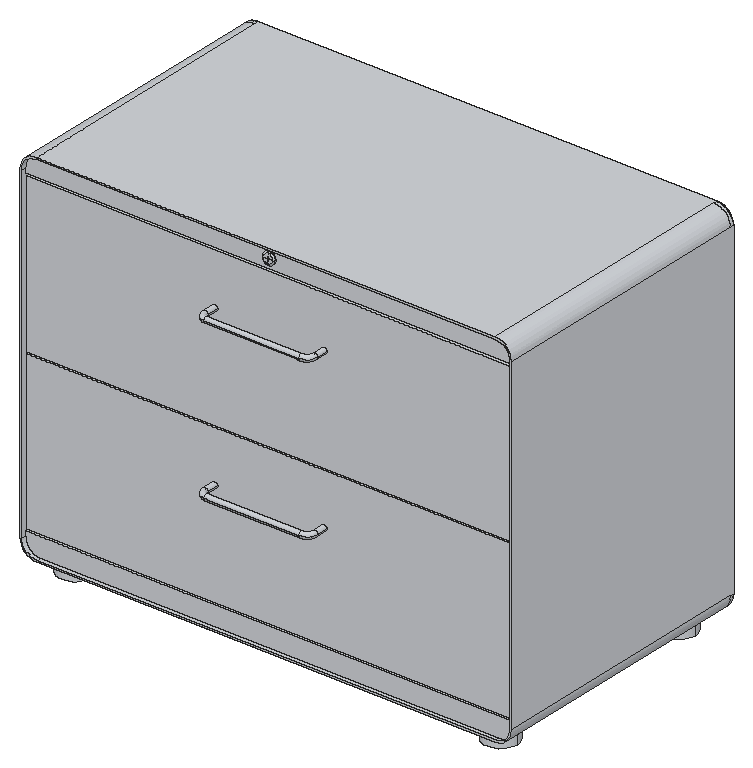
Revit family "Stow 2-Drawer Lateral File Cabinet", category Furniture, Revit 2015
Parameters (values of type "35.5" x 20" x 27.25"")
  Width = 20"
  URL = "http://www.poppin.com"
  Manufacturer = "Poppin, Inc."
  Lock Material = none
  Length = 35 1/2"
  Height = 27 1/4"
  Cabinet Material = none
  Feet Material = none
  Description = "Stow 2-Drawer Lateral File Cabinet"
  Copyright = "Copyright © Poppin, Inc."
Reference planes (in)
  plane 1 "Center (Front/Back)": y = 0
  plane 2: z = 0
  plane 3 "Center (Left/Right)": x = 0
Forms (in)
  Extrusion 1, solid, material <- "Cabinet Material"
    sketch origin (0, 0, 0) x (1, 0, 0) y (0, 0, 1)
      loop
        line (17.71648, 2.20638) -> (17.71648, 25.9851)
        arc (17.71648, 25.9851) -> (17.37079, 26.81967) -> (16.53622, 27.16535) r 1.18025
        line (16.53622, 27.16535) -> (-16.53189, 27.16535)
        arc (-16.53189, 27.16535) -> (-17.3696, 26.81836) -> (-17.71659, 25.98065) r 1.1847
        line (-17.71659, 25.98065) -> (-17.71659, 2.22081)
        arc (-17.71659, 2.22081) -> (-17.36594, 1.37427) -> (-16.5194, 1.02362) r 1.19719
        line (-16.5194, 1.02362) -> (16.53372, 1.02362)
        arc (16.53372, 1.02362) -> (17.37006, 1.37004) -> (17.71648, 2.20638) r 1.18276
      loop
        line (-17.59941, 25.98065) -> (-17.59941, 2.22081)
        arc (-17.59941, 2.22081) -> (-17.28308, 1.45714) -> (-16.5194, 1.14081) r 1.08
        line (-16.5194, 1.14081) -> (16.53372, 1.14081)
        arc (16.53372, 1.14081) -> (17.28719, 1.45291) -> (17.59929, 2.20638) r 1.06557
        line (17.59929, 2.20638) -> (17.59929, 25.9851)
        arc (17.59929, 25.9851) -> (17.28793, 26.7368) -> (16.53622, 27.04817) r 1.06307
        line (16.53622, 27.04817) -> (-16.53189, 27.04817)
        arc (-16.53189, 27.04817) -> (-17.28674, 26.7355) -> (-17.59941, 25.98065) r 1.06752
    from -10.54234 to 9.45638
  Extrusion 2, solid, material <- "Cabinet Material"
    sketch origin (0, 0, 0) x (1, 0, 0) y (0, 0, 1)
      loop
        arc (17.71648, 25.9851) -> (17.37079, 26.81967) -> (16.53622, 27.16535) r 1.18025
        line (16.53622, 27.16535) -> (-16.53189, 27.16535)
        arc (-16.53189, 27.16535) -> (-17.3696, 26.81836) -> (-17.71659, 25.98065) r 1.1847
        line (-17.71659, 25.98065) -> (-17.71659, 2.22081)
        arc (-17.71659, 2.22081) -> (-17.36594, 1.37427) -> (-16.5194, 1.02362) r 1.19719
        line (-16.5194, 1.02362) -> (16.53372, 1.02362)
        arc (16.53372, 1.02362) -> (17.37006, 1.37004) -> (17.71648, 2.20638) r 1.18276
        line (17.71648, 2.20638) -> (17.71648, 25.9851)
    from -10.49151 to -10.2356
  Extrusion 3, solid, material <- "Cabinet Material"
    sketch origin (0, 0, 0) x (1, 0, 0) y (0, 0, 1)
      loop
        line (16.53537, 27.04724) -> (-16.53549, 27.04724)
        arc (-16.53549, 27.04724) -> (-17.28714, 26.7359) -> (-17.59848, 25.98425) r 1.06299
        line (-17.59848, 25.98425) -> (-17.59848, 25.62992) -> (17.59837, 25.62992) -> (17.59837, 25.98425)
        arc (17.59837, 25.98425) -> (17.28702, 26.7359) -> (16.53537, 27.04724) r 1.06299
      loop
        line (17.48026, 14.13386) -> (17.48026, 25.47244) -> (-17.48037, 25.47244) -> (-17.48037, 14.13386) -> (17.48026, 14.13386)
      loop
        line (17.48026, 2.67717) -> (17.48026, 14.01575) -> (-17.48037, 14.01575) -> (-17.48037, 2.67717) -> (17.48026, 2.67717)
      loop
        line (17.59837, 2.55906) -> (-17.59848, 2.55906) -> (-17.59848, 2.20472)
        arc (-17.59848, 2.20472) -> (-17.28714, 1.45308) -> (-16.53549, 1.14173) r 1.06299
        line (-16.53549, 1.14173) -> (16.53537, 1.14173)
        arc (16.53537, 1.14173) -> (17.28702, 1.45308) -> (17.59837, 2.20472) r 1.06299
        line (17.59837, 2.20472) -> (17.59837, 2.55906)
    from 8.26834 to 9.13448
  Sweep 4, solid, material <- "Cabinet Material"
    path origin (0, -3.25656, 24.25197) x (0, 1, 0) y (-1, 0, 0)
      loop
        line (-5.87791, -3.94304) -> (-6.70936, -3.94304)
        arc (-6.70936, -3.94304) -> (-7.09371, -3.78384) -> (-7.25291, -3.39949) r 0.54355
        line (-7.25291, -3.39949) -> (-7.25291, 3.44759)
        arc (-7.25291, 3.44759) -> (-7.10647, 3.80114) -> (-6.75291, 3.94759) r 0.5
        line (-6.75291, 3.94759) -> (-5.87791, 3.94759)
    profile origin (3.94304, -9.5502, 24.25197) x (1, 0, 0) y (0, 0, 1)
      loop
        circle (-0.00486, -2.52345) r 0.19561
      loop
        circle (-0.00486, -13.97658) r 0.19561
  Extrusion 5, solid, material <- "Feet Material"
    sketch origin (0, -3.25656, 24.25197) x (0, 1, 0) y (-1, 0, 0)
      loop
        circle (11.82386, 15.35063) r 1.20662
      loop
        circle (11.82386, -15.34511) r 1.20662
      loop
        circle (-4.21698, 15.35063) r 1.20662
      loop
        circle (-4.21698, -15.34511) r 1.20662
    from -24.25197 to -23.58268
  Extrusion 6, solid, material <- "Feet Material"
    sketch origin (0, -3.25656, 24.25197) x (0, 1, 0) y (-1, 0, 0)
      loop
        circle (11.8411, 15.3534) r 0.24079
      loop
        circle (11.8411, -15.3486) r 0.24079
      loop
        circle (-4.21859, 15.3534) r 0.24079
      loop
        circle (-4.21859, -15.3486) r 0.24079
    from -23.58268 to -23.22835
  Revolve 7, solid, material <- "Lock Material"
    sketch origin (0, -3.25656, 26.33986) x (0, 1, 0) y (-1, 0, 0)
      loop
        line (-5.22831, 0) -> (-6.01571, 0) -> (-6.01571, -0.35894)
        arc (-6.01571, -0.35894) -> (-5.99396, -0.41145) -> (-5.94145, -0.4332) r 0.07426
        line (-5.94145, -0.4332) -> (-5.87791, -0.4332) -> (-5.87791, -0.25585) -> (-5.22831, -0.25585) -> (-5.22831, 0)
      axis (-5.22831, 0) -> (-6.01571, 0)
    angle from 0 to 360
  Extrusion 8, void
    sketch origin (0, -9.13448, 26.33986) x (-1, 0, 0) y (0, 0, -1)
      loop
        line (0.03943, -0.17589) -> (0.03943, 0.17844) -> (-0.03931, 0.17844) -> (-0.03931, -0.17589) -> (0.03943, -0.17589)
    from -0.33465 to 0.2012
Cuts and joins
  Extrusion 8 cuts Extrusion 3
  Extrusion 8 cuts Revolve 7
  joined: Extrusion 1, Extrusion 2
Dimensions and locks (in)
  aligned and locked: level to plane 2
